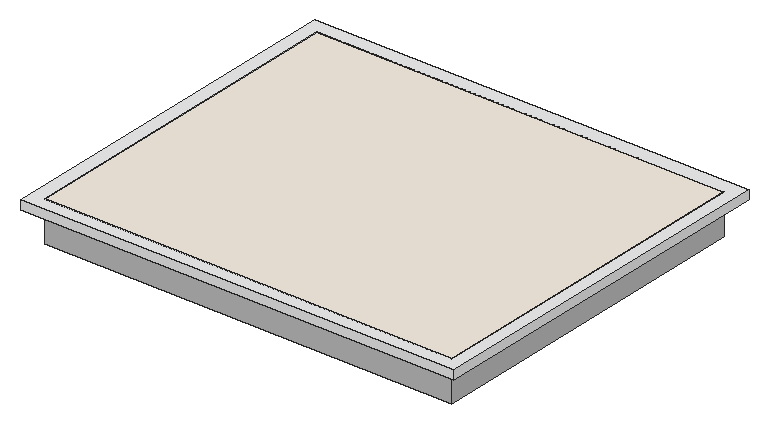
Revit family "Lighting-Industrial-GEWISS-ELIA-HL-LED_HIGHBAY", category Apparecchi per illuminazione, host Superficie, Revit 2019
Family settings
  Host = Superficie
  Quota connettore circolare = Usa diametro
  Tipo di parte = Normale
  Taglio con vuoti quando caricato = No
  Sorgente d'illuminazione = Sì
  Condiviso = No
  Punto di calcolo locali = Sì
Parameters (values of type "GWF1001QM840 - ELIA HL L2 120° 4000K S.ALONE DALI")
  corpo centrale = corpo centrale
  Working temperature = "-30° +50°"
  Weight (kg): = "4,3"
  Weight (kg) = "4,3"
  Wattage = 9.2903 W
  Warranty = "5 years"
  Voltage = "220-240 V "
  Visibilità etichetta [instance] = yes
  Visibilità simbolo [instance] = yes
  Visibilità lampada in pianta [instance] = yes
  Version file RFA = "20.0"
  Variazione temperatura colore lampada con luminosità attenuata = (empty or 0)
  URL = "https://www.gewiss.com/ww/en"
  UGR: = ""
  Typology = "Ceiling"
  Type of light source = "LED - Not replaceable"
  Type of lamp = "LED"
  built-in parameter 1150107 = 4000 (stored number, unit not read)
  Technical sheet = "https://www.gewiss.com/ww/en/search?q=GWF1100VC866"
  System power = "200W"
  Spostamento_y_ET = 4000 mm - Spostamento_y_effettivo_ET  # 500 mm
  Spostamento_x_effettivo_ET [instance] = 3744.128 mm
  Spostamento_x_effettivo [instance] = 4000 mm - Spostamento_x  # 4000 mm
  Spostamento_x_ET [instance] = 4000 mm - Spostamento_x_effettivo_ET  # 255.872 mm
  Spostamento_x [instance] = 0 mm
  Spostamento_y_effettivo [instance] = 4000 mm - Spostamento_y  # 4000 mm
  Spostamento_y [instance] = 0 mm
  Shock resistance = "IK08"
  SEO = "Ceiling"
  SCHERMO LED = SCHERMO LED
  Realized by GEWISS S.p.A. = ""
  built-in parameter 1150110 = 1 (stored number, unit not read)
  built-in parameter 1150109 = 1 (stored number, unit not read)
  built-in parameter 1114218 = 1 (stored number, unit not read)
  built-in parameter 1150112 = 1 (stored number, unit not read)
  POSIZIONE = 80000  # constant formula
  Optic = "120°"
  Operating temperature: = "-30° +50°"
  built-in parameter 1150142 = "IESNA:LM-63-1995\r\n[TEST] HB25-120-4080-120D-H00115\r\n[DATE] 27 Nov 2019\r\n[MANUFAC] GEWISS\r\n[LUMCAT] GWF1001QM840\r\n[LUMINAIRE] ELIA HL - L2 120° LED840 200W - DALI\r\n[FLASHAREA] 0.013851\r\n[LAMPCAT] LED 200W/28000lm\r\n[LAMP] LED 200W/28000lm\r\nTILT=NONE\r\n1 28000.00 1.0 181 37 1 2 -0.270 0.000 0.000\r\n1.00 1.00 200.00\r\n0.00 0.50 1.00 1.50 2.00 2.50 3.00 3.50 4.00 4.50 5.00 \r\n5.50 6.00 6.50 7.00 7.50 8.00 8.50 9.00 9.50 10.00 10.50 \r\n11.00 11.50 12.00 12.50 13.00 13.50 14.00 14.50 15.00 \r\n15.50 16.00 16.50 17.00 17.50 18.00 18.50 19.00 19.50 \r\n20.00 20.50 21.00 21.50 22.00 22.50 23.00 23.50 24.00 \r\n24.50 25.00 25.50 26.00 26.50 27.00 27.50 28.00 28.50 \r\n29.00 29.50 30.00 30.50 31.00 31.50 32.00 32.50 33.00 \r\n33.50 34.00 34.50 35.00 35.50 36.00 36.50 37.00 37.50 \r\n38.00 38.50 39.00 39.50 40.00 40.50 41.00 41.50 42.00 \r\n42.50 43.00 43.50 44.00 44.50 45.00 45.50 46.00 46.50 \r\n47.00 47.50 48.00 48.50 49.00 49.50 50.00 50.50 51.00 \r\n51.50 52.00 52.50 53.00 53.50 54.00 54.50 55.00 55.50 \r\n56.00 56.50 57.00 57.50 58.00 58.50 59.00 59.50 60.00 \r\n60.50 61.00 61.50 62.00 62.50 63.00 63.50 64.00 64.50 \r\n65.00 65.50 66.00 66.50 67.00 67.50 68.00 68.50 69.00 \r\n69.50 70.00 70.50 71.00 71.50 72.00 72.50 73.00 73.50 \r\n74.00 74.50 75.00 75.50 76.00 76.50 77.00 77.50 78.00 \r\n78.50 79.00 79.50 80.00 80.50 81.00 81.50 82.00 82.50 \r\n83.00 83.50 84.00 84.50 85.00 85.50 86.00 86.50 87.00 \r\n87.50 88.00 88.50 89.00 89.50 90.00 \r\n0.00 2.50 5.00 7.50 10.00 12.50 15.00 17.50 20.00 22.50 \r\n25.00 27.50 30.00 32.50 35.00 37.50 40.00 42.50 45.00 \r\n47.50 50.00 52.50 55.00 57.50 60.00 62.50 65.00 67.50 \r\n70.00 72.50 75.00 77.50 80.00 82.50 85.00 87.50 90.00 \r\n8142.40 8142.40 8145.20 8145.20 8148.00 8148.00 8150.80 \r\n8153.60 8159.20 8162.00 8164.80 8170.40 8176.00 8178.80 \r\n8184.40 8190.00 8198.40 8204.00 8209.60 8218.00 8223.60 \r\n8232.00 8237.60 8246.00 8251.60 8260.00 8268.40 8274.00 \r\n8279.60 8288.00 8293.60 8302.00 8310.40 8318.80 8327.20 \r\n8338.40 8346.80 8358.00 8366.40 8377.60 8388.80 8397.20 \r\n8408.40 8419.60 8430.80 8442.00 8453.20 8464.40 8475.60 \r\n8486.80 8498.00 8509.20 8520.40 8528.80 8540.00 8551.20 \r\n8559.60 8568.00 8576.40 8584.80 8590.40 8596.00 8601.60 \r\n8607.20 8610.00 8612.80 8615.60 8615.60 8615.60 8615.60 \r\n8612.80 8607.20 8601.60 8593.20 8584.80 8573.60 8562.40 \r\n8545.60 8528.80 8512.00 8489.60 8467.20 8442.00 8416.80 \r\n8388.80 8358.00 8327.20 8293.60 8257.20 8220.80 8178.80 \r\n8136.80 8086.40 8030.40 7968.80 7898.80 7817.60 7728.00 \r\n7630.00 7520.80 7406.00 7291.20 7176.40 7061.60 6941.20 \r\n6809.60 6664.00 6498.80 6325.20 6143.20 5958.40 5770.80 \r\n5583.20 5401.20 5222.00 5048.40 4877.60 4706.80 4538.80 \r\n4376.40 4216.80 4057.20 3900.40 3749.20 3600.80 3452.40 \r\n3309.60 3172.40 3038.00 2906.40 2779.00 2653.00 2530.64 \r\n2414.16 2301.04 2187.08 2076.48 1973.44 1874.32 1776.04 \r\n1679.16 1582.28 1487.64 1396.36 1309.56 1229.76 1154.44 \r\n1081.08 1010.80 945.28 882.84 823.20 766.36 712.04 659.96 \r\n611.24 564.20 517.16 472.08 430.08 390.04 351.12 314.72 \r\n282.24 252.39 223.08 195.36 169.82 145.99 123.68 102.84 \r\n83.24 65.60 50.76 38.11 27.21 18.58 12.77 9.31 7.90 8.64 \r\n8142.40 8142.40 8145.20 8145.20 8148.00 8148.00 8150.80 \r\n8153.60 8159.20 8162.00 8164.80 8170.40 8176.00 8178.80 \r\n8184.40 8190.00 8195.60 8204.00 8209.60 8216.60 8223.60 \r\n8232.00 8239.00 8246.00 8253.00 8260.00 8267.00 8274.00 \r\n8281.00 8288.00 8295.00 8302.00 8310.40 8318.80 8327.20 \r\n8338.40 8346.80 8358.00 8366.40 8377.60 8388.80 8400.00 \r\n8411.20 8421.00 8430.80 8442.00 8453.20 8464.40 8475.60 \r\n8486.80 8498.00 8509.20 8520.40 8530.20 8541.40 8551.20 \r\n8561.00 8569.40 8577.80 8586.20 8591.80 8598.80 8604.40 \r\n8608.60 8612.80 8615.60 8617.00 8618.40 8617.00 8617.00 \r\n8614.20 8610.00 8604.40 8596.00 8586.20 8576.40 8563.80 \r\n8548.40 8531.60 8513.40 8493.80 8471.40 8447.60 8419.60 \r\n8391.60 8363.60 8332.80 8299.20 8262.80 8223.60 8184.40 \r\n8139.60 8090.60 8034.60 7973.00 7901.60 7823.20 7735.00 \r\n7637.00 7527.80 7414.40 7299.60 7182.00 7067.20 6945.40 \r\n6813.80 6669.60 6505.80 6329.40 6147.40 5962.60 5775.00 \r\n5587.40 5405.40 5227.60 5052.60 4881.80 4711.00 4544.40 \r\n4380.60 4221.00 4062.80 3907.40 3753.40 3603.60 3458.00 \r\n3315.20 3176.60 3039.40 2907.80 2780.68 2654.96 2532.74 \r\n2416.54 2303.14 2189.32 2078.72 1975.26 1875.16 1776.60 \r\n1679.02 1582.14 1487.22 1395.80 1308.86 1228.64 1152.76 \r\n1079.54 1009.68 944.30 882.42 822.92 766.08 712.04 660.38 \r\n611.38 564.20 517.30 472.22 429.94 389.90 350.84 314.44 \r\n281.96 251.86 222.77 195.30 169.69 145.80 123.52 102.77 \r\n83.23 65.65 50.82 38.19 27.29 18.65 12.89 9.47 8.02 8.67 \r\n8142.40 8142.40 8143.80 8145.20 8148.00 8148.00 8150.80 \r\n8153.60 8157.80 8162.00 8164.80 8170.40 8174.60 8178.80 \r\n8184.40 8190.00 8195.60 8204.00 8209.60 8216.60 8223.60 \r\n8230.60 8239.00 8246.00 8253.00 8261.40 8267.00 8275.40 \r\n8281.00 8289.40 8295.00 8303.40 8311.80 8318.80 8328.60 \r\n8338.40 8349.60 8358.00 8369.20 8377.60 8388.80 8400.00 \r\n8411.20 8422.40 8433.60 8444.80 8456.00 8467.20 8477.00 \r\n8488.20 8499.40 8510.60 8521.80 8531.60 8541.40 8552.60 \r\n8561.00 8570.80 8579.20 8587.60 8593.20 8601.60 8605.80 \r\n8610.00 8614.20 8617.00 8619.80 8619.80 8619.80 8618.40 \r\n8615.60 8611.40 8605.80 8598.80 8589.00 8579.20 8566.60 \r\n8551.20 8535.80 8516.20 8496.60 8474.20 8450.40 8423.80 \r\n8395.80 8366.40 8335.60 8302.00 8265.60 8229.20 8187.20 \r\n8143.80 8093.40 8037.40 7974.40 7904.40 7827.40 7740.60 \r\n7644.00 7534.80 7421.40 7305.20 7187.60 7072.80 6949.60 \r\n6818.00 6672.40 6510.00 6333.60 6151.60 5965.40 5777.80 \r\n5591.60 5409.60 5230.40 5055.40 4884.60 4713.80 4548.60 \r\n4384.80 4226.60 4067.00 3911.60 3757.60 3607.80 3462.20 \r\n3319.40 3179.40 3042.20 2909.20 2781.52 2655.80 2534.14 \r\n2417.94 2304.54 2190.72 2079.84 1975.82 1875.30 1776.18 \r\n1678.46 1581.16 1486.24 1394.68 1307.60 1226.82 1150.66 \r\n1077.44 1008.00 943.04 881.58 822.22 765.66 711.76 660.24 \r\n611.24 563.92 517.02 471.94 429.52 389.48 350.42 313.88 \r\n281.40 251.17 222.29 195.03 169.41 145.45 123.24 102.59 \r\n83.15 65.62 50.83 38.22 27.33 18.73 13.01 9.61 8.13 8.69 \r\n8142.40 8142.40 8142.40 8145.20 8146.60 8148.00 8150.80 \r\n8153.60 8157.80 8160.60 8164.80 8169.00 8174.60 8178.80 \r\n8184.40 8190.00 8195.60 8202.60 8209.60 8216.60 8223.60 \r\n8230.60 8239.00 8246.00 8253.00 8260.00 8268.40 8274.00 \r\n8282.40 8289.40 8296.40 8303.40 8311.80 8320.20 8330.00 \r\n8338.40 8349.60 8358.00 8369.20 8380.40 8390.20 8401.40 \r\n8411.20 8422.40 8433.60 8444.80 8456.00 8467.20 8478.40 \r\n8488.20 8499.40 8510.60 8521.80 8531.60 8542.80 8554.00 \r\n8562.40 8572.20 8580.60 8589.00 8596.00 8603.00 8608.60 \r\n8612.80 8617.00 8619.80 8621.20 8622.60 8622.60 8621.20 \r\n8618.40 8614.20 8608.60 8601.60 8591.80 8582.00 8568.00 \r\n8554.00 8537.20 8519.00 8499.40 8477.00 8453.20 8426.60 \r\n8398.60 8370.60 8339.80 8304.80 8268.40 8232.00 8190.00 \r\n8146.60 8097.60 8040.20 7977.20 7908.60 7831.60 7744.80 \r\n7648.20 7540.40 7427.00 7310.80 7193.20 7075.60 6952.40 \r\n6820.80 6676.60 6511.40 6336.40 6154.40 5966.80 5780.60 \r\n5593.00 5411.00 5231.80 5056.80 4886.00 4718.00 4552.80 \r\n4389.00 4229.40 4071.20 3914.40 3761.80 3609.20 3463.60 \r\n3320.80 3180.80 3043.60 2910.60 2781.52 2656.08 2534.70 \r\n2418.50 2305.10 2191.14 2080.40 1975.82 1874.74 1775.06 \r\n1677.06 1579.62 1484.70 1393.14 1305.92 1224.86 1148.14 \r\n1075.20 1006.18 941.50 880.32 821.24 764.68 710.92 659.82 \r\n610.68 563.22 516.46 471.38 429.10 388.92 349.86 313.32 \r\n280.64 250.40 221.68 194.61 168.98 144.98 122.85 102.33 \r\n82.98 65.52 50.78 38.19 27.35 18.79 13.12 9.74 8.23 8.71 \r\n8142.40 8142.40 8142.40 8145.20 8146.60 8148.00 8150.80 \r\n8153.60 8157.80 8160.60 8164.80 8169.00 8174.60 8178.80 \r\n8184.40 8190.00 8195.60 8202.60 8209.60 8216.60 8225.00 \r\n8230.60 8239.00 8246.00 8254.40 8260.00 8268.40 8274.00 \r\n8282.40 8290.80 8296.40 8304.80 8311.80 8320.20 8330.00 \r\n8339.80 8349.60 8360.80 8369.20 8380.40 8390.20 8401.40 \r\n8412.60 8423.80 8435.00 8446.20 8456.00 8467.20 8478.40 \r\n8489.60 8500.80 8512.00 8523.20 8534.40 8544.20 8555.40 \r\n8563.80 8575.00 8583.40 8590.40 8597.40 8604.40 8610.00 \r\n8615.60 8618.40 8621.20 8624.00 8624.00 8624.00 8624.00 \r\n8621.20 8617.00 8611.40 8604.40 8594.60 8583.40 8570.80 \r\n8555.40 8538.60 8521.80 8500.80 8479.80 8456.00 8430.80 \r\n8402.80 8373.40 8342.60 8309.00 8272.60 8234.80 8194.20 \r\n8149.40 8099.00 8043.00 7980.00 7911.40 7834.40 7749.00 \r\n7652.40 7546.00 7432.60 7315.00 7197.40 7077.00 6953.80 \r\n6820.80 6676.60 6514.20 6339.20 6155.80 5968.20 5780.60 \r\n5594.40 5411.00 5233.20 5058.20 4887.40 4719.40 4555.60 \r\n4391.80 4232.20 4072.60 3917.20 3761.80 3612.00 3465.00 \r\n3322.20 3182.20 3045.00 2910.60 2781.10 2655.66 2534.70 \r\n2418.36 2304.82 2191.00 2079.84 1975.12 1873.62 1773.38 \r\n1675.24 1577.80 1482.88 1391.32 1303.96 1222.48 1145.62 \r\n1072.82 1003.94 939.68 878.78 819.84 763.56 710.08 658.98 \r\n609.98 562.38 515.62 470.54 428.40 388.22 349.16 312.48 \r\n279.78 249.56 220.96 194.04 168.43 144.45 122.40 101.96 \r\n82.74 65.41 50.68 38.12 27.34 18.85 13.23 9.87 8.31 8.72 \r\n8142.40 8142.40 8142.40 8145.20 8146.60 8148.00 8150.80 \r\n8155.00 8157.80 8160.60 8164.80 8169.00 8174.60 8178.80 \r\n8184.40 8190.00 8195.60 8201.20 8209.60 8216.60 8225.00 \r\n8230.60 8239.00 8246.00 8254.40 8261.40 8268.40 8275.40 \r\n8282.40 8290.80 8297.80 8304.80 8313.20 8323.00 8331.40 \r\n8341.20 8351.00 8360.80 8372.00 8381.80 8393.00 8402.80 \r\n8412.60 8423.80 8435.00 8446.20 8457.40 8468.60 8479.80 \r\n8491.00 8502.20 8512.00 8524.60 8535.80 8545.60 8555.40 \r\n8566.60 8575.00 8584.80 8593.20 8598.80 8607.20 8612.80 \r\n8617.00 8621.20 8625.40 8625.40 8628.20 8628.20 8625.40 \r\n8622.60 8619.80 8614.20 8605.80 8597.40 8586.20 8573.60 \r\n8558.20 8542.80 8523.20 8503.60 8482.60 8458.80 8432.20 \r\n8404.20 8376.20 8345.40 8310.40 8274.00 8237.60 8197.00 \r\n8150.80 8101.80 8044.40 7981.40 7914.20 7837.20 7751.80 \r\n7655.20 7550.20 7436.80 7319.20 7198.80 7079.80 6955.20 \r\n6822.20 6676.60 6514.20 6339.20 6155.80 5968.20 5780.60 \r\n5594.40 5412.40 5233.20 5058.20 4887.40 4720.80 4558.40 \r\n4394.60 4232.20 4074.00 3920.00 3764.60 3612.00 3466.40 \r\n3325.00 3183.60 3045.00 2910.60 2780.26 2654.96 2534.14 \r\n2417.94 2304.12 2190.16 2079.00 1973.72 1871.80 1771.56 \r\n1673.00 1575.56 1480.64 1389.22 1301.72 1219.96 1142.96 \r\n1070.30 1001.70 937.72 877.10 818.30 762.16 708.96 658.00 \r\n608.72 561.12 514.64 469.70 427.56 387.38 348.32 311.64 \r\n278.89 248.70 220.19 193.38 167.80 143.85 121.88 101.56 \r\n82.46 65.25 50.55 38.01 27.31 18.90 13.33 9.98 8.39 8.72 \r\n8142.40 8142.40 8142.40 8145.20 8146.60 8148.00 8150.80 \r\n8155.00 8157.80 8160.60 8163.40 8169.00 8174.60 8178.80 \r\n8184.40 8190.00 8195.60 8201.20 8209.60 8216.60 8223.60 \r\n8230.60 8239.00 8246.00 8254.40 8261.40 8268.40 8275.40 \r\n8283.80 8290.80 8299.20 8306.20 8314.60 8323.00 8332.80 \r\n8341.20 8352.40 8362.20 8372.00 8383.20 8393.00 8404.20 \r\n8415.40 8426.60 8437.80 8447.60 8458.80 8470.00 8481.20 \r\n8491.00 8502.20 8514.80 8524.60 8535.80 8547.00 8558.20 \r\n8568.00 8576.40 8586.20 8594.60 8601.60 8608.60 8614.20 \r\n8619.80 8622.60 8626.80 8628.20 8631.00 8629.60 8628.20 \r\n8625.40 8621.20 8615.60 8608.60 8600.20 8589.00 8576.40 \r\n8561.00 8545.60 8526.00 8506.40 8485.40 8461.60 8435.00 \r\n8408.40 8379.00 8346.80 8313.20 8276.80 8239.00 8198.40 \r\n8155.00 8103.20 8045.80 7982.80 7915.60 7840.00 7754.60 \r\n7659.40 7553.00 7438.20 7322.00 7201.60 7079.80 6955.20 \r\n6822.20 6676.60 6514.20 6339.20 6155.80 5966.80 5780.60 \r\n5593.00 5411.00 5233.20 5058.20 4887.40 4722.20 4559.80 \r\n4396.00 4233.60 4076.80 3920.00 3764.60 3613.40 3467.80 \r\n3325.00 3183.60 3045.00 2910.60 2779.00 2653.98 2533.30 \r\n2416.96 2302.86 2188.90 2077.60 1972.04 1869.84 1769.32 \r\n1670.62 1573.18 1478.40 1386.98 1299.48 1217.58 1140.16 \r\n1067.64 999.46 935.62 875.28 816.62 760.62 707.56 656.88 \r\n607.46 559.86 513.38 468.86 426.72 386.54 347.48 310.80 \r\n278.03 247.81 219.41 192.68 167.15 143.23 121.34 101.12 \r\n82.17 65.07 50.41 37.88 27.28 18.96 13.43 10.09 8.47 8.71 \r\n8142.40 8142.40 8142.40 8145.20 8146.60 8148.00 8150.80 \r\n8155.00 8157.80 8160.60 8163.40 8169.00 8174.60 8177.40 \r\n8183.00 8190.00 8195.60 8201.20 8209.60 8216.60 8223.60 \r\n8232.00 8239.00 8246.00 8254.40 8261.40 8269.80 8275.40 \r\n8283.80 8292.20 8299.20 8307.60 8314.60 8324.40 8332.80 \r\n8344.00 8352.40 8363.60 8373.40 8384.60 8394.40 8405.60 \r\n8415.40 8426.60 8437.80 8449.00 8460.20 8470.00 8481.20 \r\n8493.80 8503.60 8514.80 8527.40 8538.60 8548.40 8559.60 \r\n8568.00 8579.20 8587.60 8596.00 8604.40 8611.40 8617.00 \r\n8622.60 8626.80 8629.60 8632.40 8632.40 8632.40 8631.00 \r\n8628.20 8624.00 8618.40 8611.40 8601.60 8590.40 8579.20 \r\n8562.40 8547.00 8527.40 8509.20 8486.80 8464.40 8439.20 \r\n8411.20 8381.80 8351.00 8316.00 8279.60 8241.80 8199.80 \r\n8156.40 8104.60 8047.20 7984.20 7915.60 7841.40 7756.00 \r\n7660.80 7555.80 7442.40 7324.80 7203.00 7081.20 6955.20 \r\n6820.80 6675.20 6512.80 6337.80 6154.40 5965.40 5779.20 \r\n5591.60 5411.00 5231.80 5056.80 4887.40 4722.20 4559.80 \r\n4396.00 4233.60 4076.80 3921.40 3766.00 3613.40 3467.80 \r\n3325.00 3183.60 3045.00 2909.20 2777.74 2652.72 2532.32 \r\n2415.56 2301.18 2187.22 2075.92 1970.22 1867.74 1767.08 \r\n1668.24 1570.80 1476.16 1384.74 1297.38 1215.20 1137.64 \r\n1065.12 997.08 933.66 873.32 814.94 758.94 706.16 655.62 \r\n606.20 558.46 512.12 467.88 425.88 385.56 346.64 309.96 \r\n277.16 246.99 218.61 191.94 166.47 142.63 120.82 100.69 \r\n81.87 64.90 50.25 37.74 27.23 19.01 13.53 10.20 8.54 8.71 \r\n8142.40 8142.40 8142.40 8145.20 8146.60 8148.00 8150.80 \r\n8155.00 8157.80 8160.60 8163.40 8169.00 8173.20 8177.40 \r\n8183.00 8188.60 8195.60 8201.20 8209.60 8216.60 8223.60 \r\n8232.00 8240.40 8247.40 8255.80 8261.40 8269.80 8276.80 \r\n8283.80 8292.20 8300.60 8307.60 8316.00 8325.80 8335.60 \r\n8344.00 8353.80 8365.00 8376.20 8386.00 8395.80 8405.60 \r\n8416.80 8428.00 8439.20 8450.40 8461.60 8472.80 8484.00 \r\n8493.80 8505.00 8516.20 8527.40 8538.60 8549.80 8559.60 \r\n8570.80 8580.60 8590.40 8598.80 8605.80 8614.20 8619.80 \r\n8624.00 8628.20 8632.40 8635.20 8635.20 8635.20 8633.80 \r\n8631.00 8626.80 8621.20 8612.80 8604.40 8593.20 8580.60 \r\n8565.20 8549.80 8530.20 8512.00 8489.60 8467.20 8440.60 \r\n8412.60 8383.20 8351.00 8316.00 8281.00 8241.80 8202.60 \r\n8156.40 8106.00 8048.60 7984.20 7917.00 7842.80 7757.40 \r\n7662.20 7557.20 7445.20 7326.20 7204.40 7081.20 6953.80 \r\n6819.40 6673.80 6511.40 6336.40 6153.00 5964.00 5776.40 \r\n5590.20 5409.60 5229.00 5055.40 4884.60 4720.80 4561.20 \r\n4397.40 4233.60 4075.40 3921.40 3766.00 3613.40 3467.80 \r\n3326.40 3183.60 3045.00 2909.20 2776.48 2651.46 2531.20 \r\n2414.16 2299.50 2185.40 2074.10 1968.40 1865.64 1764.70 \r\n1665.86 1568.56 1473.92 1382.64 1295.28 1212.82 1135.26 \r\n1062.74 994.98 931.70 871.50 813.26 757.40 704.76 654.22 \r\n604.94 557.06 511.14 466.90 424.90 384.72 345.80 309.12 \r\n276.37 246.22 217.85 191.23 165.83 142.06 120.30 100.25 \r\n81.58 64.72 50.09 37.59 27.18 19.07 13.63 10.30 8.60 8.70 \r\n8142.40 8142.40 8142.40 8145.20 8146.60 8148.00 8150.80 \r\n8153.60 8156.40 8160.60 8163.40 8169.00 8173.20 8177.40 \r\n8183.00 8188.60 8195.60 8201.20 8209.60 8216.60 8223.60 \r\n8232.00 8240.40 8247.40 8255.80 8261.40 8269.80 8278.20 \r\n8285.20 8292.20 8300.60 8310.40 8317.40 8325.80 8335.60 \r\n8345.40 8356.60 8365.00 8376.20 8387.40 8397.20 8408.40 \r\n8418.20 8428.00 8440.60 8451.80 8463.00 8472.80 8484.00 \r\n8495.20 8506.40 8517.60 8530.20 8540.00 8551.20 8562.40 \r\n8573.60 8582.00 8591.80 8600.20 8608.60 8615.60 8622.60 \r\n8626.80 8631.00 8635.20 8636.60 8638.00 8638.00 8635.20 \r\n8632.40 8629.60 8624.00 8615.60 8607.20 8596.00 8582.00 \r\n8568.00 8551.20 8533.00 8512.00 8492.40 8468.60 8442.00 \r\n8415.40 8384.60 8353.80 8318.80 8281.00 8244.60 8204.00 \r\n8157.80 8106.00 8048.60 7985.60 7918.40 7844.20 7758.80 \r\n7665.00 7560.00 7445.20 7326.20 7204.40 7081.20 6953.80 \r\n6818.00 6671.00 6507.20 6333.60 6150.20 5962.60 5775.00 \r\n5588.80 5406.80 5229.00 5054.00 4883.20 4720.80 4561.20 \r\n4397.40 4233.60 4076.80 3921.40 3766.00 3614.80 3469.20 \r\n3326.40 3183.60 3045.00 2907.80 2775.36 2650.48 2530.08 \r\n2412.48 2297.68 2183.44 2072.42 1966.44 1863.82 1762.60 \r\n1663.76 1566.46 1471.96 1380.82 1293.46 1210.86 1133.1
